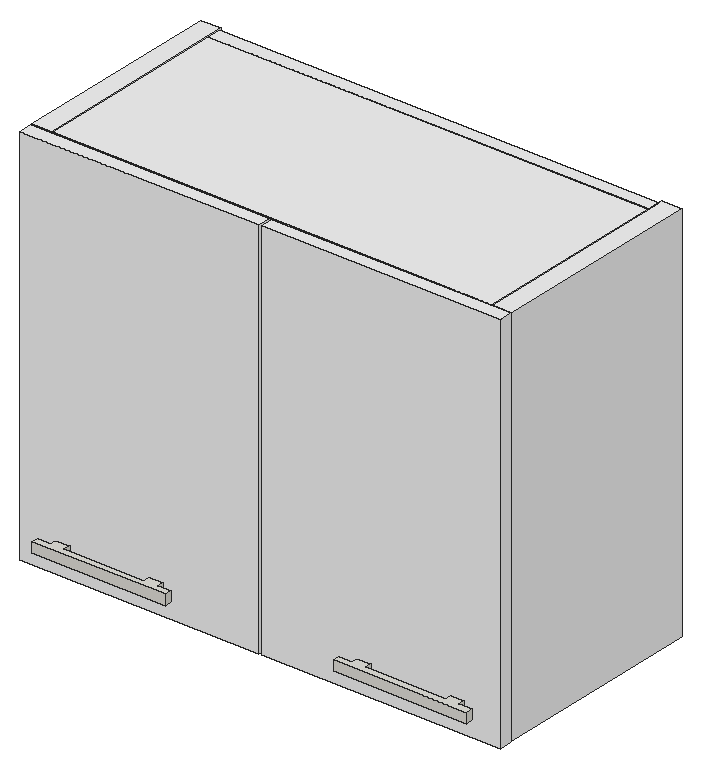
Revit family
Parameters (values of type "MAKE-UP 4000 UPPER 01 (900*340*576)")
  Manufacturer = "HANSSEM"
  Model = "MAKE-UP 4000 UPPER"
  Width = 721 mm
  upper face material = white shine
  side material = white shine
  rester material = white shine
  knob material = Chrome, 2
  Height1 = 1000 mm
  Height2 = 576 mm
  drawer material = white shine
  Depth = 340 mm
  Assembly Code = ""
Reference planes
  plane 1 "중심(앞/뒤)": y = 0
  plane 2: z = 0
  plane 3 "중심(왼쪽/오른쪽)": x = 0
  plane 4: z = 1576
  plane 5: y = 170
  plane 6: x = -360.5
  plane 7: x = 360.5
  plane 8: y = -170
  plane 9: x = -330.5
  plane 10: x = 330.5
  plane 11: y = 165
  plane 12: y = 145
  plane 13: y = -150
  plane 14: y = -148
  plane 15: x = -2
  plane 16: x = 2
  plane 17: z = 1000
  plane 18: z = 1000
  plane 19: z = 1576
  plane 20: x = -226
  plane 21: x = -326
  plane 22: x = -126
  plane 23: x = 226
  plane 24: x = 326
  plane 25: x = 126
  plane 26: z = 1030
  plane 27: z = 1045
  plane 28: z = 1546
Forms (mm)
  Extrusion 1, solid, material "white shine" <- "side material"
    sketch origin (0, 0, 0) x (1, 0, 0) y (0, 1, 0)
      loop
        line (-360.5, 170) -> (-360.5, -148) -> (-330.5, -148) -> (-330.5, 170) -> (-360.5, 170)
      loop
        line (360.5, 170) -> (330.5, 170) -> (330.5, -148) -> (360.5, -148) -> (360.5, 170)
    from 1000 to 1576
  Extrusion 2, solid, material "white shine" <- "side material"
    sketch origin (0, 0, 0) x (1, 0, 0) y (0, 1, 0)
      loop
        line (-330.5, 165) -> (-330.5, 145) -> (330.5, 145) -> (330.5, 165) -> (-330.5, 165)
    from 1000 to 1576
  Extrusion 3, solid, material "white shine" <- "upper face material"
    sketch origin (0, 0, 0) x (1, 0, 0) y (0, 1, 0)
      loop
        line (-330.5, 145) -> (-330.5, -148) -> (330.5, -148) -> (330.5, 145) -> (-330.5, 145)
    from 1546 to 1576
  Extrusion 4, solid, material "white shine" <- "drawer material"
    sketch origin (0, 0, 0) x (1, 0, 0) y (0, 1, 0)
      loop
        line (-360.5, -150) -> (-360.5, -170) -> (-2, -170) -> (-2, -150) -> (-360.5, -150)
      loop
        line (360.5, -150) -> (2, -150) -> (2, -170) -> (360.5, -170) -> (360.5, -150)
    from 1000 to 1576
  Extrusion 5, solid
    sketch origin (0, 0, 0) x (1, 0, 0) y (0, 1, 0)
      loop
        line (-330.5, 145) -> (-330.5, -148) -> (330.5, -148) -> (330.5, 145) -> (-330.5, 145)
    from 1000 to 1030
  Extrusion 6, solid, material "Chrome, 2" <- "knob material"
    sketch origin (0, 0, 0) x (1, 0, 0) y (0, 1, 0)
      loop
        line (-306, -170) -> (-306, -180) -> (-326, -180) -> (-326, -190) -> (-126, -190) -> (-126, -180) -> (-146, -180) -> (-146, -170) -> (-166, -170) -> (-166, -180) -> (-286, -180) -> (-286, -170) -> (-306, -170)
      loop
        line (306, -170) -> (286, -170) -> (286, -180) -> (166, -180) -> (166, -170) -> (146, -170) -> (146, -180) -> (126, -180) -> (126, -190) -> (326, -190) -> (326, -180) -> (306, -180) -> (306, -170)
    from 1030 to 1045
Dimensions and locks
  plane 6 to plane 9 = 30 mm
  plane 10 to plane 7 = 30 mm
  equal spacing: plane 6, plane 3 "중심(왼쪽/오른쪽)", plane 7
  "Width": plane 6 to plane 7
  plane 12 to plane 11 to plane 5 = 20 mm, 5 mm
  plane 8 to plane 13 to plane 14 = 20 mm, 2 mm
  plane 8 to plane 1 "중심(앞/뒤)" to plane 5 = 170 mm, 170 mm
  "Depth": plane 8 to plane 5
  plane 28 to plane 19 = 30 mm
  plane 17 to plane 18 to plane 26 to plane 27 = 0 mm, 30 mm, 15 mm
  "Height2": plane 19 to plane 17
  "Height1": plane 17 to level
  aligned and locked: plane 6 to Extrusion 1 sketch curve
  aligned and locked: plane 5 to Extrusion 1 sketch curve
  aligned and locked: plane 14 to Extrusion 1 sketch curve
  aligned and locked: plane 9 to Extrusion 1 sketch curve
  aligned and locked: plane 17 to Extrusion 1  (x2)
  aligned and locked: Extrusion 1 to plane 7
  aligned and locked: Extrusion 1 to plane 9
  aligned and locked: plane 9 to Extrusion 2 sketch curve
  aligned and locked: plane 11 to Extrusion 2 sketch curve
  aligned and locked: plane 12 to Extrusion 2 sketch curve
  aligned and locked: plane 10 to Extrusion 2 sketch curve
  aligned and locked: Extrusion 2 to plane 19
  aligned and locked: plane 17 to Extrusion 2
  aligned and locked: Extrusion 2 to Extrusion 3 sketch curve
  aligned and locked: Extrusion 3 sketch curve to Extrusion 2
  aligned and locked: Extrusion 3 sketch curve to Extrusion 1
  aligned and locked: Extrusion 1 to Extrusion 3 sketch curve
  aligned and locked: plane 6 to Extrusion 4 sketch curve
  aligned and locked: plane 13 to Extrusion 4 sketch curve
  aligned and locked: plane 8 to Extrusion 4 sketch curve
  aligned and locked: Extrusion 4 sketch curve to plane 15
  aligned and locked: Extrusion 3 to plane 4
  aligned and locked: Extrusion 4 to plane 4
  aligned and locked: plane 18 to Extrusion 4
  aligned and locked: Extrusion 4 to plane 7
  aligned and locked: Extrusion 4 to Extrusion 3
  aligned and locked: plane 28 to Extrusion 3  (x4)
  aligned and locked: Extrusion 4 to Extrusion 2  (x2)
  aligned and locked: Extrusion 4 to plane 19
  aligned and locked: Extrusion 3 to Extrusion 4  (x6)
  aligned and locked: Extrusion 3 to plane 28  (x3)
  aligned and locked: Extrusion 3 to plane 19
  aligned and locked: Extrusion 4 to Extrusion 4  (x2)
  aligned and locked: plane 4 to plane 19
  aligned and locked: Extrusion 2 to Extrusion 3
  aligned and locked: plane 19 to Extrusion 4  (x3)
  aligned and locked: Extrusion 1 to plane 19
  aligned and locked: plane 19 to Extrusion 1  (x2)
  aligned and locked: plane 8 to Extrusion 4
  aligned and locked: Extrusion 1 to Extrusion 1
  aligned and locked: plane 11 to Extrusion 2
  aligned and locked: plane 12 to Extrusion 2
  aligned and locked: Extrusion 1 to Extrusion 3
  aligned and locked: Extrusion 5 sketch curve to Extrusion 3
  aligned and locked: Extrusion 5 sketch curve to Extrusion 2
  aligned and locked: Extrusion 3 to Extrusion 5 sketch curve
  aligned and locked: Extrusion 1 to Extrusion 5 sketch curve
  aligned and locked: plane 18 to Extrusion 5
  aligned and locked: plane 26 to Extrusion 6  (x3)
  aligned and locked: Extrusion 6 to plane 27
  aligned and locked: plane 27 to Extrusion 6  (x3)
  aligned and locked: Extrusion 5 to plane 26
  aligned and locked: Extrusion 6 to plane 26
  aligned and locked: Extrusion 6 to Extrusion 5
  aligned and locked: Extrusion 4 to plane 18
  aligned and locked: Extrusion 2 to plane 17
  aligned and locked: plane 26 to Extrusion 5  (x2)
  aligned and locked: Extrusion 4 to Extrusion 5
  aligned and locked: plane 18 to Extrusion 1
  aligned and locked: plane 18 to Extrusion 2
  aligned and locked: Extrusion 1 to Extrusion 4
Automatic sketch dimensions
  Extrusion 1 sketch curve to plane 10 = 0 mm
  Extrusion 1 sketch curve to plane 7 = 0 mm
  Extrusion 1 sketch curve to plane 14 = 0 mm
  Extrusion 1 sketch curve to plane 5 = 0 mm
  Extrusion 4 sketch curve to plane 8 = 0 mm
  Extrusion 4 sketch curve to plane 16 = 0 mm
  Extrusion 4 sketch curve to plane 7 = 0 mm
  Extrusion 4 sketch curve to plane 13 = 0 mm
  Extrusion 6 sketch curve to plane 21 = 0 mm
  Extrusion 6 sketch curve to plane 8 = 0 mm  (x4)
  Extrusion 6 sketch curve to plane 22 = 0 mm
  Extrusion 6 sketch curve to Extrusion 6 sketch curve = 20 mm  (x3)
  plane 8 to Extrusion 6 sketch curve = 10 mm  (x3)
  plane 22 to Extrusion 6 sketch curve = 40 mm
  plane 22 to Extrusion 6 sketch curve = 20 mm
  Extrusion 6 sketch curve to Extrusion 6 sketch curve = 10 mm  (x4)
  Extrusion 6 sketch curve to plane 25 = 0 mm
  Extrusion 6 sketch curve to plane 24 = 0 mm
  Extrusion 6 sketch curve to plane 25 = 20 mm
  Extrusion 6 sketch curve to Extrusion 6 sketch curve = 40 mm
  plane 24 to Extrusion 6 sketch curve = 20 mm
  plane 8 to Extrusion 6 sketch curve = 20 mm
